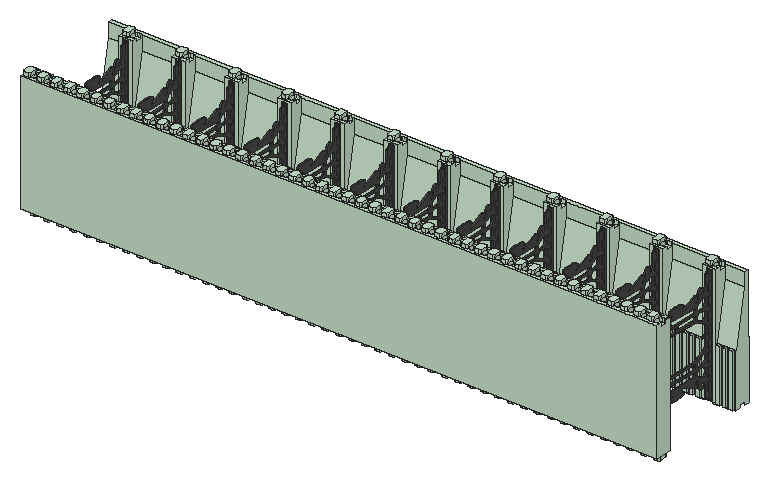
Revit family
Parameters (values of type "Standard 6" Form Unit")
  Core Thickness = 0' - 6"
Reference planes (in)
  plane 1 "Center (Front/Back)": y = -3
  plane 2: z = 0
  plane 3 "Center (Left/Right)": x = 0
  plane 4: x = 96
  plane 5: y = 3
  plane 6: y = -9
  plane 7: y = 5.625
  plane 8: y = -11.625
  plane 9: z = 18
  plane 10: z = 18.5
  plane 11: z = -0.5
Forms (in)
  Extrusion 1, solid, material "NUDURA Expanded Polystyrene Foam Insulation"
    sketch origin (0, -6, 0) x (1, 0, 0) y (0, 1, 0)
      loop
        line (0.28117, -3.25) -> (0, -3.25) -> (0, -5.625) -> (96, -5.625) -> (96, -3.25) -> (95.71883, -3.25) -> (95.78117, -3) -> (95.21883, -3) -> (95.28117, -3.25) -> (94.71883, -3.25) -> (94.78117, -3) -> (94.21883, -3) -> (94.28117, -3.25) -> (93.71883, -3.25) -> (93.78117, -3) -> (93.21883, -3) -> (93.28117, -3.25) -> (90.71883, -3.25) -> (90.78117, -3) -> (90.21883, -3) -> (90.28117, -3.25) -> (89.71883, -3.25) -> (89.78117, -3) -> (89.21883, -3) -> (89.28117, -3.25) -> (88.71883, -3.25) -> (88.78117, -3) -> (88.21883, -3) -> (88.28117, -3.25) -> (87.71883, -3.25) -> (87.78117, -3) -> (87.21883, -3) -> (87.28117, -3.25) -> (86.71883, -3.25) -> (86.78117, -3) -> (86.21883, -3) -> (86.28117, -3.25) -> (85.71883, -3.25) -> (85.78117, -3) -> (85.21883, -3) -> (85.28117, -3.25) -> (82.71883, -3.25) -> (82.78117, -3) -> (82.21883, -3) -> (82.28117, -3.25) -> (81.71883, -3.25) -> (81.78117, -3) -> (81.21883, -3) -> (81.28117, -3.25) -> (80.71883, -3.25) -> (80.78117, -3) -> (80.21883, -3) -> (80.28117, -3.25) -> (79.71883, -3.25) -> (79.78117, -3) -> (79.21883, -3) -> (79.28117, -3.25) -> (78.71883, -3.25) -> (78.78117, -3) -> (78.21883, -3) -> (78.28117, -3.25) -> (77.71883, -3.25) -> (77.78117, -3) -> (77.21883, -3) -> (77.28117, -3.25) -> (74.71883, -3.25) -> (74.78117, -3) -> (74.21883, -3) -> (74.28117, -3.25) -> (73.71883, -3.25) -> (73.78117, -3) -> (73.21883, -3) -> (73.28117, -3.25) -> (72.71883, -3.25) -> (72.78117, -3) -> (72.21883, -3) -> (72.28117, -3.25) -> (71.71883, -3.25) -> (71.78117, -3) -> (71.21883, -3) -> (71.28117, -3.25) -> (70.71883, -3.25) -> (70.78117, -3) -> (70.21883, -3) -> (70.28117, -3.25) -> (69.71883, -3.25) -> (69.78117, -3) -> (69.21883, -3) -> (69.28117, -3.25) -> (66.71883, -3.25) -> (66.78117, -3) -> (66.21883, -3) -> (66.28117, -3.25) -> (65.71883, -3.25) -> (65.78117, -3) -> (65.21883, -3) -> (65.28117, -3.25) -> (64.71883, -3.25) -> (64.78117, -3) -> (64.21883, -3) -> (64.28117, -3.25) -> (63.71883, -3.25) -> (63.78117, -3) -> (63.21883, -3) -> (63.28117, -3.25) -> (62.71883, -3.25) -> (62.78117, -3) -> (62.21883, -3) -> (62.28117, -3.25) -> (61.71883, -3.25) -> (61.78117, -3) -> (61.21883, -3) -> (61.28117, -3.25) -> (58.71883, -3.25) -> (58.78117, -3) -> (58.21883, -3) -> (58.28117, -3.25) -> (57.71883, -3.25) -> (57.78117, -3) -> (57.21883, -3) -> (57.28117, -3.25) -> (56.71883, -3.25) -> (56.78117, -3) -> (56.21883, -3) -> (56.28117, -3.25) -> (55.71883, -3.25) -> (55.78117, -3) -> (55.21883, -3) -> (55.28117, -3.25) -> (54.71883, -3.25) -> (54.78117, -3) -> (54.21883, -3) -> (54.28117, -3.25) -> (53.71883, -3.25) -> (53.78117, -3) -> (53.21883, -3) -> (53.28117, -3.25) -> (50.71883, -3.25) -> (50.78117, -3) -> (50.21883, -3) -> (50.28117, -3.25) -> (49.71883, -3.25) -> (49.78117, -3) -> (49.21883, -3) -> (49.28117, -3.25) -> (48.71883, -3.25) -> (48.78117, -3) -> (48.21883, -3) -> (48.28117, -3.25) -> (47.71883, -3.25) -> (47.78117, -3) -> (47.21883, -3) -> (47.28117, -3.25) -> (46.71883, -3.25) -> (46.78117, -3) -> (46.21883, -3) -> (46.28117, -3.25) -> (45.71883, -3.25) -> (45.78117, -3) -> (45.21883, -3) -> (45.28117, -3.25) -> (42.71883, -3.25) -> (42.78117, -3) -> (42.21883, -3) -> (42.28117, -3.25) -> (41.71883, -3.25) -> (41.78117, -3) -> (41.21883, -3) -> (41.28117, -3.25) -> (40.71883, -3.25) -> (40.78117, -3) -> (40.21883, -3) -> (40.28117, -3.25) -> (39.71883, -3.25) -> (39.78117, -3) -> (39.21883, -3) -> (39.28117, -3.25) -> (38.71883, -3.25) -> (38.78117, -3) -> (38.21883, -3) -> (38.28117, -3.25) -> (37.71883, -3.25) -> (37.78117, -3) -> (37.21883, -3) -> (37.28117, -3.25) -> (34.71883, -3.25) -> (34.78117, -3) -> (34.21883, -3) -> (34.28117, -3.25) -> (33.71883, -3.25) -> (33.78117, -3) -> (33.21883, -3) -> (33.28117, -3.25) -> (32.71883, -3.25) -> (32.78117, -3) -> (32.21883, -3) -> (32.28117, -3.25) -> (31.71883, -3.25) -> (31.78117, -3) -> (31.21883, -3) -> (31.28117, -3.25) -> (30.71883, -3.25) -> (30.78117, -3) -> (30.21883, -3) -> (30.28117, -3.25) -> (29.71883, -3.25) -> (29.78117, -3) -> (29.21883, -3) -> (29.28117, -3.25) -> (26.71883, -3.25) -> (26.78117, -3) -> (26.21883, -3) -> (26.28117, -3.25) -> (25.71883, -3.25) -> (25.78117, -3) -> (25.21883, -3) -> (25.28117, -3.25) -> (24.71883, -3.25) -> (24.78117, -3) -> (24.21883, -3) -> (24.28117, -3.25) -> (23.71883, -3.25) -> (23.78117, -3) -> (23.21883, -3) -> (23.28117, -3.25) -> (22.71883, -3.25) -> (22.78117, -3) -> (22.21883, -3) -> (22.28117, -3.25) -> (21.71883, -3.25) -> (21.78117, -3) -> (21.21883, -3) -> (21.28117, -3.25) -> (18.71883, -3.25) -> (18.78117, -3) -> (18.21883, -3) -> (18.28117, -3.25) -> (17.71883, -3.25) -> (17.78117, -3) -> (17.21883, -3) -> (17.28117, -3.25) -> (16.71883, -3.25) -> (16.78117, -3) -> (16.21883, -3) -> (16.28117, -3.25) -> (15.71883, -3.25) -> (15.78117, -3) -> (15.21883, -3) -> (15.28117, -3.25) -> (14.71883, -3.25) -> (14.78117, -3) -> (14.21883, -3) -> (14.28117, -3.25) -> (13.71883, -3.25) -> (13.78117, -3) -> (13.21883, -3) -> (13.28117, -3.25) -> (10.71883, -3.25) -> (10.78117, -3) -> (10.21883, -3) -> (10.28117, -3.25) -> (9.71883, -3.25) -> (9.78117, -3) -> (9.21883, -3) -> (9.28117, -3.25) -> (8.71883, -3.25) -> (8.78117, -3) -> (8.21883, -3) -> (8.28117, -3.25) -> (7.71883, -3.25) -> (7.78117, -3) -> (7.21883, -3) -> (7.28117, -3.25) -> (6.71883, -3.25) -> (6.78117, -3) -> (6.21883, -3) -> (6.28117, -3.25) -> (5.71883, -3.25) -> (5.78117, -3) -> (5.21883, -3) -> (5.28117, -3.25) -> (2.71883, -3.25) -> (2.78117, -3) -> (2.21883, -3) -> (2.28117, -3.25) -> (1.71883, -3.25) -> (1.78117, -3) -> (1.21883, -3) -> (1.28117, -3.25) -> (0.71883, -3.25) -> (0.78117, -3) -> (0.21883, -3) -> (0.28117, -3.25)
    from 0 to 18
  Extrusion 2, void
    sketch origin (0, -6, 0) x (1, 0, 0) y (0, 1, 0)
      loop
        arc (1, -4.89808) -> (1.04785, -5.04517) -> (1.17308, -5.13595) r 0.25
        arc (1.17308, -5.13595) -> (1.5, -5.1875) -> (1.82692, -5.13595) r 1.0625
        arc (1.82692, -5.13595) -> (1.95215, -5.04517) -> (2, -4.89808) r 0.25
        line (2, -4.89808) -> (2, -3.97692)
        arc (2, -3.97692) -> (1.98276, -3.88568) -> (1.9334, -3.80702) r 0.25
        arc (1.9334, -3.80702) -> (1.92106, -3.78736) -> (1.91675, -3.76455) r 0.0625
        line (1.91675, -3.76455) -> (1.91675, -3.41845) -> (1.74592, -3.41845) -> (1.74592, -3.64005)
        arc (1.74592, -3.64005) -> (1.72385, -3.68771) -> (1.67323, -3.70172) r 0.0625
        arc (1.67323, -3.70172) -> (1.42092, -3.69045) -> (1.17308, -3.73905) r 1.0625
        arc (1.17308, -3.73905) -> (1.04785, -3.82983) -> (1, -3.97692) r 0.25
        line (1, -3.97692) -> (1, -4.89808)
    from 18 to 17.5
  Extrusion 3, void
    sketch origin (2, -6, 0) x (1, 0, 0) y (0, 1, 0)
      loop
        arc (1, -4.89808) -> (1.04785, -5.04517) -> (1.17308, -5.13595) r 0.25
        arc (1.17308, -5.13595) -> (1.5, -5.1875) -> (1.82692, -5.13595) r 1.0625
        arc (1.82692, -5.13595) -> (1.95215, -5.04517) -> (2, -4.89808) r 0.25
        line (2, -4.89808) -> (2, -3.97692)
        arc (2, -3.97692) -> (1.98276, -3.88568) -> (1.9334, -3.80702) r 0.25
        arc (1.9334, -3.80702) -> (1.92106, -3.78736) -> (1.91675, -3.76455) r 0.0625
        line (1.91675, -3.76455) -> (1.91675, -3.41845) -> (1.74592, -3.41845) -> (1.74592, -3.64005)
        arc (1.74592, -3.64005) -> (1.72385, -3.68771) -> (1.67323, -3.70172) r 0.0625
        arc (1.67323, -3.70172) -> (1.42092, -3.69045) -> (1.17308, -3.73905) r 1.0625
        arc (1.17308, -3.73905) -> (1.04785, -3.82983) -> (1, -3.97692) r 0.25
        line (1, -3.97692) -> (1, -4.89808)
    from 18 to 17.5
  Extrusion 4, void
    sketch origin (4, -6, 0) x (1, 0, 0) y (0, 1, 0)
      loop
        arc (1, -4.89808) -> (1.04785, -5.04517) -> (1.17308, -5.13595) r 0.25
        arc (1.17308, -5.13595) -> (1.5, -5.1875) -> (1.82692, -5.13595) r 1.0625
        arc (1.82692, -5.13595) -> (1.95215, -5.04517) -> (2, -4.89808) r 0.25
        line (2, -4.89808) -> (2, -3.97692)
        arc (2, -3.97692) -> (1.98276, -3.88568) -> (1.9334, -3.80702) r 0.25
        arc (1.9334, -3.80702) -> (1.92106, -3.78736) -> (1.91675, -3.76455) r 0.0625
        line (1.91675, -3.76455) -> (1.91675, -3.41845) -> (1.74592, -3.41845) -> (1.74592, -3.64005)
        arc (1.74592, -3.64005) -> (1.72385, -3.68771) -> (1.67323, -3.70172) r 0.0625
        arc (1.67323, -3.70172) -> (1.42092, -3.69045) -> (1.17308, -3.73905) r 1.0625
        arc (1.17308, -3.73905) -> (1.04785, -3.82983) -> (1, -3.97692) r 0.25
        line (1, -3.97692) -> (1, -4.89808)
    from 18 to 17.5
  Extrusion 5, void
    sketch origin (6, -6, 0) x (1, 0, 0) y (0, 1, 0)
      loop
        arc (1, -4.89808) -> (1.04785, -5.04517) -> (1.17308, -5.13595) r 0.25
        arc (1.17308, -5.13595) -> (1.5, -5.1875) -> (1.82692, -5.13595) r 1.0625
        arc (1.82692, -5.13595) -> (1.95215, -5.04517) -> (2, -4.89808) r 0.25
        line (2, -4.89808) -> (2, -3.97692)
        arc (2, -3.97692) -> (1.98276, -3.88568) -> (1.9334, -3.80702) r 0.25
        arc (1.9334, -3.80702) -> (1.92106, -3.78736) -> (1.91675, -3.76455) r 0.0625
        line (1.91675, -3.76455) -> (1.91675, -3.41845) -> (1.74592, -3.41845) -> (1.74592, -3.64005)
        arc (1.74592, -3.64005) -> (1.72385, -3.68771) -> (1.67323, -3.70172) r 0.0625
        arc (1.67323, -3.70172) -> (1.42092, -3.69045) -> (1.17308, -3.73905) r 1.0625
        arc (1.17308, -3.73905) -> (1.04785, -3.82983) -> (1, -3.97692) r 0.25
        line (1, -3.97692) -> (1, -4.89808)
    from 18 to 17.5
  Extrusion 6, void
    sketch origin (8, -6, 0) x (1, 0, 0) y (0, 1, 0)
      loop
        arc (1, -4.89808) -> (1.04785, -5.04517) -> (1.17308, -5.13595) r 0.25
        arc (1.17308, -5.13595) -> (1.5, -5.1875) -> (1.82692, -5.13595) r 1.0625
        arc (1.82692, -5.13595) -> (1.95215, -5.04517) -> (2, -4.89808) r 0.25
        line (2, -4.89808) -> (2, -3.97692)
        arc (2, -3.97692) -> (1.98276, -3.88568) -> (1.9334, -3.80702) r 0.25
        arc (1.9334, -3.80702) -> (1.92106, -3.78736) -> (1.91675, -3.76455) r 0.0625
        line (1.91675, -3.76455) -> (1.91675, -3.41845) -> (1.74592, -3.41845) -> (1.74592, -3.64005)
        arc (1.74592, -3.64005) -> (1.72385, -3.68771) -> (1.67323, -3.70172) r 0.0625
        arc (1.67323, -3.70172) -> (1.42092, -3.69045) -> (1.17308, -3.73905) r 1.0625
        arc (1.17308, -3.73905) -> (1.04785, -3.82983) -> (1, -3.97692) r 0.25
        line (1, -3.97692) -> (1, -4.89808)
    from 18 to 17.5
  Extrusion 7, void
    sketch origin (10, -6, 0) x (1, 0, 0) y (0, 1, 0)
      loop
        arc (1, -4.89808) -> (1.04785, -5.04517) -> (1.17308, -5.13595) r 0.25
        arc (1.17308, -5.13595) -> (1.5, -5.1875) -> (1.82692, -5.13595) r 1.0625
        arc (1.82692, -5.13595) -> (1.95215, -5.04517) -> (2, -4.89808) r 0.25
        line (2, -4.89808) -> (2, -3.97692)
        arc (2, -3.97692) -> (1.98276, -3.88568) -> (1.9334, -3.80702) r 0.25
        arc (1.9334, -3.80702) -> (1.92106, -3.78736) -> (1.91675, -3.76455) r 0.0625
        line (1.91675, -3.76455) -> (1.91675, -3.41845) -> (1.74592, -3.41845) -> (1.74592, -3.64005)
        arc (1.74592, -3.64005) -> (1.72385, -3.68771) -> (1.67323, -3.70172) r 0.0625
        arc (1.67323, -3.70172) -> (1.42092, -3.69045) -> (1.17308, -3.73905) r 1.0625
        arc (1.17308, -3.73905) -> (1.04785, -3.82983) -> (1, -3.97692) r 0.25
        line (1, -3.97692) -> (1, -4.89808)
    from 18 to 17.5
  Extrusion 8, void
    sketch origin (12, -6, 0) x (1, 0, 0) y (0, 1, 0)
      loop
        arc (1, -4.89808) -> (1.04785, -5.04517) -> (1.17308, -5.13595) r 0.25
        arc (1.17308, -5.13595) -> (1.5, -5.1875) -> (1.82692, -5.13595) r 1.0625
        arc (1.82692, -5.13595) -> (1.95215, -5.04517) -> (2, -4.89808) r 0.25
        line (2, -4.89808) -> (2, -3.97692)
        arc (2, -3.97692) -> (1.98276, -3.88568) -> (1.9334, -3.80702) r 0.25
        arc (1.9334, -3.80702) -> (1.92106, -3.78736) -> (1.91675, -3.76455) r 0.0625
        line (1.91675, -3.76455) -> (1.91675, -3.41845) -> (1.74592, -3.41845) -> (1.74592, -3.64005)
        arc (1.74592, -3.64005) -> (1.72385, -3.68771) -> (1.67323, -3.70172) r 0.0625
        arc (1.67323, -3.70172) -> (1.42092, -3.69045) -> (1.17308, -3.73905) r 1.0625
        arc (1.17308, -3.73905) -> (1.04785, -3.82983) -> (1, -3.97692) r 0.25
        line (1, -3.97692) -> (1, -4.89808)
    from 18 to 17.5
  Extrusion 9, void
    sketch origin (14, -6, 0) x (1, 0, 0) y (0, 1, 0)
      loop
        arc (1, -4.89808) -> (1.04785, -5.04517) -> (1.17308, -5.13595) r 0.25
        arc (1.17308, -5.13595) -> (1.5, -5.1875) -> (1.82692, -5.13595) r 1.0625
        arc (1.82692, -5.13595) -> (1.95215, -5.04517) -> (2, -4.89808) r 0.25
        line (2, -4.89808) -> (2, -3.97692)
        arc (2, -3.97692) -> (1.98276, -3.88568) -> (1.9334, -3.80702) r 0.25
        arc (1.9334, -3.80702) -> (1.92106, -3.78736) -> (1.91675, -3.76455) r 0.0625
        line (1.91675, -3.76455) -> (1.91675, -3.41845) -> (1.74592, -3.41845) -> (1.74592, -3.64005)
        arc (1.74592, -3.64005) -> (1.72385, -3.68771) -> (1.67323, -3.70172) r 0.0625
        arc (1.67323, -3.70172) -> (1.42092, -3.69045) -> (1.17308, -3.73905) r 1.0625
        arc (1.17308, -3.73905) -> (1.04785, -3.82983) -> (1, -3.97692) r 0.25
        line (1, -3.97692) -> (1, -4.89808)
    from 18 to 17.5
  Extrusion 10, void
    sketch origin (16, -6, 0) x (1, 0, 0) y (0, 1, 0)
      loop
        arc (1, -4.89808) -> (1.04785, -5.04517) -> (1.17308, -5.13595) r 0.25
        arc (1.17308, -5.13595) -> (1.5, -5.1875) -> (1.82692, -5.13595) r 1.0625
        arc (1.82692, -5.13595) -> (1.95215, -5.04517) -> (2, -4.89808) r 0.25
        line (2, -4.89808) -> (2, -3.97692)
        arc (2, -3.97692) -> (1.98276, -3.88568) -> (1.9334, -3.80702) r 0.25
        arc (1.9334, -3.80702) -> (1.92106, -3.78736) -> (1.91675, -3.76455) r 0.0625
        line (1.91675, -3.76455) -> (1.91675, -3.41845) -> (1.74592, -3.41845) -> (1.74592, -3.64005)
        arc (1.74592, -3.64005) -> (1.72385, -3.68771) -> (1.67323, -3.70172) r 0.0625
        arc (1.67323, -3.70172) -> (1.42092, -3.69045) -> (1.17308, -3.73905) r 1.0625
        arc (1.17308, -3.73905) -> (1.04785, -3.82983) -> (1, -3.97692) r 0.25
        line (1, -3.97692) -> (1, -4.89808)
    from 18 to 17.5
  Extrusion 11, void
    sketch origin (18, -6, 0) x (1, 0, 0) y (0, 1, 0)
      loop
        arc (1, -4.89808) -> (1.04785, -5.04517) -> (1.17308, -5.13595) r 0.25
        arc (1.17308, -5.13595) -> (1.5, -5.1875) -> (1.82692, -5.13595) r 1.0625
        arc (1.82692, -5.13595) -> (1.95215, -5.04517) -> (2, -4.89808) r 0.25
        line (2, -4.89808) -> (2, -3.97692)
        arc (2, -3.97692) -> (1.98276, -3.88568) -> (1.9334, -3.80702) r 0.25
        arc (1.9334, -3.80702) -> (1.92106, -3.78736) -> (1.91675, -3.76455) r 0.0625
        line (1.91675, -3.76455) -> (1.91675, -3.41845) -> (1.74592, -3.41845) -> (1.74592, -3.64005)
        arc (1.74592, -3.64005) -> (1.72385, -3.68771) -> (1.67323, -3.70172) r 0.0625
        arc (1.67323, -3.70172) -> (1.42092, -3.69045) -> (1.17308, -3.73905) r 1.0625
        arc (1.17308, -3.73905) -> (1.04785, -3.82983) -> (1, -3.97692) r 0.25
        line (1, -3.97692) -> (1, -4.89808)
    from 18 to 17.5
  Extrusion 12, void
    sketch origin (20, -6, 0) x (1, 0, 0) y (0, 1, 0)
      loop
        arc (1, -4.89808) -> (1.04785, -5.04517) -> (1.17308, -5.13595) r 0.25
        arc (1.17308, -5.13595) -> (1.5, -5.1875) -> (1.82692, -5.13595) r 1.0625
        arc (1.82692, -5.13595) -> (1.95215, -5.04517) -> (2, -4.89808) r 0.25
        line (2, -4.89808) -> (2, -3.97692)
        arc (2, -3.97692) -> (1.98276, -3.88568) -> (1.9334, -3.80702) r 0.25
        arc (1.9334, -3.80702) -> (1.92106, -3.78736) -> (1.91675, -3.76455) r 0.0625
        line (1.91675, -3.76455) -> (1.91675, -3.41845) -> (1.74592, -3.41845) -> (1.74592, -3.64005)
        arc (1.74592, -3.64005) -> (1.72385, -3.68771) -> (1.67323, -3.70172) r 0.0625
        arc (1.67323, -3.70172) -> (1.42092, -3.69045) -> (1.17308, -3.73905) r 1.0625
        arc (1.17308, -3.73905) -> (1.04785, -3.82983) -> (1, -3.97692) r 0.25
        line (1, -3.97692) -> (1, -4.89808)
    from 18 to 17.5
  Extrusion 13, void
    sketch origin (22, -6, 0) x (1, 0, 0) y (0, 1, 0)
      loop
        arc (1, -4.89808) -> (1.04785, -5.04517) -> (1.17308, -5.13595) r 0.25
        arc (1.17308, -5.13595) -> (1.5, -5.1875) -> (1.82692, -5.13595) r 1.0625
        arc (1.82692, -5.13595) -> (1.95215, -5.04517) -> (2, -4.89808) r 0.25
        line (2, -4.89808) -> (2, -3.97692)
        arc (2, -3.97692) -> (1.98276, -3.88568) -> (1.9334, -3.80702) r 0.25
        arc (1.9334, -3.80702) -> (1.92106, -3.78736) -> (1.91675, -3.76455) r 0.0625
        line (1.91675, -3.76455) -> (1.91675, -3.41845) -> (1.74592, -3.41845) -> (1.74592, -3.64005)
        arc (1.74592, -3.64005) -> (1.72385, -3.68771) -> (1.67323, -3.70172) r 0.0625
        arc (1.67323, -3.70172) -> (1.42092, -3.69045) -> (1.17308, -3.73905) r 1.0625
        arc (1.17308, -3.73905) -> (1.04785, -3.82983) -> (1, -3.97692) r 0.25
        line (1, -3.97692) -> (1, -4.89808)
    from 18 to 17.5
  Extrusion 14, void
    sketch origin (24, -6, 0) x (1, 0, 0) y (0, 1, 0)
      loop
        arc (1, -4.89808) -> (1.04785, -5.04517) -> (1.17308, -5.13595) r 0.25
        arc (1.17308, -5.13595) -> (1.5, -5.1875) -> (1.82692, -5.13595) r 1.0625
        arc (1.82692, -5.13595) -> (1.95215, -5.04517) -> (2, -4.89808) r 0.25
        line (2, -4.89808) -> (2, -3.97692)
        arc (2, -3.97692) -> (1.98276, -3.88568) -> (1.9334, -3.80702) r 0.25
        arc (1.9334, -3.80702) -> (1.92106, -3.78736) -> (1.91675, -3.76455) r 0.0625
        line (1.91675, -3.76455) -> (1.91675, -3.41845) -> (1.74592, -3.41845) -> (1.74592, -3.64005)
        arc (1.74592, -3.64005) -> (1.72385, -3.68771) -> (1.67323, -3.70172) r 0.0625
        arc (1.67323, -3.70172) -> (1.42092, -3.69045) -> (1.17308, -3.73905) r 1.0625
        arc (1.17308, -3.73905) -> (1.04785, -3.82983) -> (1, -3.97692) r 0.25
        line (1, -3.97692) -> (1, -4.89808)
    from 18 to 17.5
  Extrusion 15, void
    sketch origin (26, -6, 0) x (1, 0, 0) y (0, 1, 0)
      loop
        arc (1, -4.89808) -> (1.04785, -5.04517) -> (1.17308, -5.13595) r 0.25
        arc (1.17308, -5.13595) -> (1.5, -5.1875) -> (1.82692, -5.13595) r 1.0625
        arc (1.82692, -5.13595) -> (1.95215, -5.04517) -> (2, -4.89808) r 0.25
        line (2, -4.89808) -> (2, -3.97692)
        arc (2, -3.97692) -> (1.98276, -3.88568) -> (1.9334, -3.80702) r 0.25
        arc (1.9334, -3.80702) -> (1.92106, -3.78736) -> (1.91675, -3.76455) r 0.0625
        line (1.91675, -3.76455) -> (1.91675, -3.41845) -> (1.74592, -3.41845) -> (1.74592, -3.64005)
        arc (1.74592, -3.64005) -> (1.72385, -3.68771) -> (1.67323, -3.70172) r 0.0625
        arc (1.67323, -3.70172) -> (1.42092, -3.69045) -> (1.17308, -3.73905) r 1.0625
        arc (1.17308, -3.73905) -> (1.04785, -3.82983) -> (1, -3.97692) r 0.25
        line (1, -3.97692) -> (1, -4.89808)
    from 18 to 17.5
  Extrusion 16, void
    sketch origin (28, -6, 0) x (1, 0, 0) y (0, 1, 0)
      loop
        arc (1, -4.89808) -> (1.04785, -5.04517) -> (1.17308, -5.13595) r 0.25
        arc (1.17308, -5.13595) -> (1.5, -5.1875) -> (1.82692, -5.13595) r 1.0625
        arc (1.82692, -5.13595) -> (1.95215, -5.04517) -> (2, -4.89808) r 0.25
        line (2, -4.89808) -> (2, -3.97692)
        arc (2, -3.97692) -> (1.98276, -3.88568) -> (1.9334, -3.80702) r 0.25
        arc (1.9334, -3.80702) -> (1.92106, -3.78736) -> (1.91675, -3.76455) r 0.0625
        line (1.91675, -3.76455) -> (1.91675, -3.41845) -> (1.74592, -3.41845) -> (1.74592, -3.64005)
        arc (1.74592, -3.64005) -> (1.72385, -3.68771) -> (1.67323, -3.70172) r 0.0625
        arc (1.67323, -3.70172) -> (1.42092, -3.69045) -> (1.17308, -3.73905) r 1.0625
        arc (1.17308, -3.73905) -> (1.04785, -3.82983) -> (1, -3.97692) r 0.25
        line (1, -3.97692) -> (1, -4.89808)
    from 18 to 17.5
  Extrusion 17, void
    sketch origin (30, -6, 0) x (1, 0, 0) y (0, 1, 0)
      loop
        arc (1, -4.89808) -> (1.04785, -5.04517) -> (1.17308, -5.13595) r 0.25
        arc (1.17308, -5.13595) -> (1.5, -5.1875) -> (1.82692, -5.13595) r 1.0625
        arc (1.82692, -5.13595) -> (1.95215, -5.04517) -> (2, -4.89808) r 0.25
        line (2, -4.89808) -> (2, -3.97692)
        arc (2, -3.97692) -> (1.98276, -3.88568) -> (1.9334, -3.80702) r 0.25
        arc (1.9334, -3.80702) -> (1.92106, -3.78736) -> (1.91675, -3.76455) r 0.0625
        line (1.91675, -3.76455) -> (1.91675, -3.41845) -> (1.74592, -3.41845) -> (1.74592, -3.64005)
        arc (1.74592, -3.64005) -> (1.72385, -3.68771) -> (1.67323, -3.70172) r 0.0625
        arc (1.67323, -3.70172) -> (1.42092, -3.69045) -> (1.17308, -3.73905) r 1.0625
        arc (1.17308, -3.73905) -> (1.04785, -3.82983) -> (1, -3.97692) r 0.25
        line (1, -3.97692) -> (1, -4.89808)
    from 18 to 17.5
  Extrusion 18, void
    sketch origin (32, -6, 0) x (1, 0, 0) y (0, 1, 0)
      loop
        arc (1, -4.89808) -> (1.04785, -5.04517) -> (1.17308, -5.13595) r 0.25
        arc (1.17308, -5.13595) -> (1.5, -5.1875) -> (1.82692, -5.13595) r 1.0625
        arc (1.82692, -5.13595) -> (1.95215, -5.04517) -> (2, -4.89808) r 0.25
        line (2, -4.89808) -> (2, -3.97692)
        arc (2, -3.97692) -> (1.98276, -3.88568) -> (1.9334, -3.80702) r 0.25
        arc (1.9334, -3.80702) -> (1.92106, -3.78736) -> (1.91675, -3.76455) r 0.0625
        line (1.91675, -3.76455) -> (1.91675, -3.41845) -> (1.74592, -3.41845) -> (1.74592, -3.64005)
        arc (1.74592, -3.64005) -> (1.72385, -3.68771) -> (1.67323, -3.70172) r 0.0625
        arc (1.67323, -3.70172) -> (1.42092, -3.69045) -> (1.17308, -3.73905) r 1.0625
        arc (1.17308, -3.73905) -> (1.04785, -3.82983) -> (1, -3.97692) r 0.25
        line (1, -3.97692) -> (1, -4.89808)
    from 18 to 17.5
  Extrusion 19, void
    sketch origin (34, -6, 0) x (1, 0, 0) y (0, 1, 0)
      loop
        arc (1, -4.89808) -> (1.04785, -5.04517) -> (1.17308, -5.13595) r 0.25
        arc (1.17308, -5.13595) -> (1.5, -5.1875) -> (1.82692, -5.13595) r 1.0625
        arc (1.82692, -5.13595) -> (1.95215, -5.04517) -> (2, -4.89808) r 0.25
        line (2, -4.89808) -> (2, -3.97692)
        arc (2, -3.97692) -> (1.98276, -3.88568) -> (1.9334, -3.80702) r 0.25
        arc (1.9334, -3.80702) -> (1.92106, -3.78736) -> (1.91675, -3.76455) r 0.0625
        line (1.91675, -3.76455) -> (1.91675, -3.41845) -> (1.74592, -3.41845) -> (1.74592, -3.64005)
        arc (1.74592, -3.64005) -> (1.72385, -3.68771) -> (1.67323, -3.70172) r 0.0625
        arc (1.67323, -3.70172) -> (1.42092, -3.69045) -> (1.17308, -3.73905) r 1.0625
        arc (1.17308, -3.73905) -> (1.04785, -3.82983) -> (1, -3.97692) r 0.25
        line (1, -3.97692) -> (1, -4.89808)
    from 18 to 17.5
  Extrusion 20, void
    sketch origin (36, -6, 0) x (1, 0, 0) y (0, 1, 0)
      loop
        arc (1, -4.89808) -> (1.04785, -5.04517) -> (1.17308, -5.13595) r 0.25
        arc (1.17308, -5.13595) -> (1.5, -5.1875) -> (1.82692, -5.13595) r 1.0625
        arc (1.82692, -5.13595) -> (1.95215, -5.04517) -> (2, -4.89808) r 0.25
        line (2, -4.89808) -> (2, -3.97692)
        arc (2, -3.97692) -> (1.98276, -3.88568) -> (1.9334, -3.80702) r 0.25
        arc (1.9334, -3.80702) -> (1.92106, -3.78736) -> (1.91675, -3.76455) r 0.0625
        line (1.91675, -3.76455) -> (1.91675, -3.41845) -> (1.74592, -3.41845) -> (1.74592, -3.64005)
        arc (1.74592, -3.64005) -> (1.72385, -3.68771) -> (1.67323, -3.70172) r 0.0625
        arc (1.67323, -3.70172) -> (1.42092, -3.69045) -> (1.17308, -3.73905) r 1.0625
        arc (1.17308, -3.73905) -> (1.04785, -3.82983) -> (1, -3.97692) r 0.25
        line (1, -3.97692) -> (1, -4.89808)
    from 18 to 17.5
  Extrusion 21, void
    sketch origin (38, -6, 0) x (1, 0, 0) y (0, 1, 0)
      loop
        arc (1, -4.89808) -> (1.04785, -5.04517) -> (1.17308, -5.13595) r 0.25
        arc (1.17308, -5.13595) -> (1.5, -5.1875) -> (1.82692, -5.13595) r 1.0625
        arc (1.82692, -5.13595) -> (1.95215, -5.04517) -> (2, -4.89808) r 0.25
        line (2, -4.89808) -> (2, -3.97692)
        arc (2, -3.97692) -> (1.98276, -3.88568) -> (1.9334, -3.80702) r 0.25
        arc (1.9334, -3.80702) -> (1.92106, -3.78736) -> (1.91675, -3.76455) r 0.0625
        line (1.91675, -3.76455) -> (1.91675, -3.41845) -> (1.74592, -3.41845) -> (1.74592, -3.64005)
        arc (1.74592, -3.64005) -> (1.72385, -3.68771) -> (1.67323, -3.70172) r 0.0625
        arc (1.67323, -3.70172) -> (1.42092, -3.69045) -> (1.17308, -3.73905) r 1.0625
        arc (1.17308, -3.73905) -> (1.04785, -3.82983) -> (1, -3.97692) r 0.25
        line (1, -3.97692) -> (1, -4.89808)
    from 18 to 17.5
  Extrusion 22, void
    sketch origin (40, -6, 0) x (1, 0, 0) y (0, 1, 0)
      loop
        arc (1, -4.89808) -> (1.04785, -5.04517) -> (1.17308, -5.13595) r 0.25
        arc (1.17308, -5.13595) -> (1.5, -5.1875) -> (1.82692, -5.13595) r 1.0625
        arc (1.82692, -5.13595) -> (1.95215, -5.04517) -> (2, -4.89808) r 0.25
        line (2, -4.89808) -> (2, -3.97692)
        arc (2, -3.97692) -> (1.98276, -3.88568) -> (1.9334, -3.80702) r 0.25
        arc (1.9334, -3.80702) -> (1.92106, -3.78736) -> (1.91675, -3.76455) r 0.0625
        line (1.91675, -3.76455) -> (1.91675, -3.41845) -> (1.74592, -3.41845) -> (1.74592, -3.64005)
        arc (1.74592, -3.64005) -> (1.72385, -3.68771) -> (1.67323, -3.70172) r 0.0625
        arc (1.67323, -3.70172) -> (1.42092, -3.69045) -> (1.17308, -3.73905) r 1.0625
        arc (1.17308, -3.73905) -> (1.04785, -3.82983) -> (1, -3.97692) r 0.25
        line (1, -3.97692) -> (1, -4.89808)
    from 18 to 17.5
  Extrusion 23, void
    sketch origin (42, -6, 0) x (1, 0, 0) y (0, 1, 0)
      loop
        arc (1, -4.89808) -> (1.04785, -5.04517) -> (1.17308, -5.13595) r 0.25
        arc (1.17308, -5.13595) -> (1.5, -5.1875) -> (1.82692, -5.13595) r 1.0625
        arc (1.82692, -5.13595) -> (1.95215, -5.04517) -> (2, -4.89808) r 0.25
        line (2, -4.89808) -> (2, -3.97692)
        arc (2, -3.97692) -> (1.98276, -3.88568) -> (1.9334, -3.80702) r 0.25
        arc (1.9334, -3.80702) -> (1.92106, -3.78736) -> (1.91675, -3.76455) r 0.0625
        line (1.91675, -3.76455) -> (1.91675, -3.41845) -> (1.74592, -3.41845) -> (1.74592, -3.64005)
        arc (1.74592, -3.64005) -> (1.72385, -3.68771) -> (1.67323, -3.70172) r 0.0625
        arc (1.67323, -3.70172) -> (1.42092, -3.69045) -> (1.17308, -3.73905) r 1.0625
        arc (1.17308, -3.73905) -> (1.04785, -3.82983) -> (1, -3.97692) r 0.25
        line (1, -3.97692) -> (1, -4.89808)
    from 18 to 17.5
  Extrusion 24, void
    sketch origin (44, -6, 0) x (1, 0, 0) y (0, 1, 0)
      loop
        arc (1, -4.89808) -> (1.04785, -5.04517) -> (1.17308, -5.13595) r 0.25
        arc (1.17308, -5.13595) -> (1.5, -5.1875) -> (1.82692, -5.13595) r 1.0625
        arc (1.82692, -5.13595) -> (1.95215, -5.04517) -> (2, -4.89808) r 0.25
        line (2, -4.89808) -> (2, -3.97692)
        arc (2, -3.97692) -> (1.98276, -3.88568) -> (1.9334, -3.80702) r 0.25
        arc (1.9334, -3.80702) -> (1.92106, -3.78736) -> (1.91675, -3.76455) r 0.0625
        line (1.91675, -3.76455) -> (1.91675, -3.41845) -> (1.74592, -3.41845) -> (1.74592, -3.64005)
        arc (1.74592, -3.64005) -> (1.72385, -3.68771) -> (1.67323, -3.70172) r 0.0625
        arc (1.67323, -3.70172) -> (1.42092, -3.69045) -> (1.17308, -3.73905) r 1.0625
        arc (1.17308, -3.73905) -> (1.04785, -3.82983) -> (1, -3.97692) r 0.25
        line (1, -3.97692) -> (1, -4.89808)
    from 18 to 17.5
  Extrusion 25, void
    sketch origin (46, -6, 0) x (1, 0, 0) y (0, 1, 0)
      loop
        arc (1, -4.89808) -> (1.04785, -5.04517) -> (1.17308, -5.13595) r 0.25
        arc (1.17308, -5.13595) -> (1.5, -5.1875) -> (1.82692, -5.13595) r 1.0625
        arc (1.82692, -5.13595) -> (1.95215, -5.04517) -> (2, -4.89808) r 0.25
        line (2, -4.89808) -> (2, -3.97692)
        arc (2, -3.97692) -> (1.98276, -3.88568) -> (1.9334, -3.80702) r 0.25
        arc (1.9334, -3.80702) -> (1.92106, -3.78736) -> (1.91675, -3.76455) r 0.0625
        line (1.91675, -3.76455) -> (1.91675, -3.41845) -> (1.74592, -3.41845) -> (1.74592, -3.64005)
        arc (1.74592, -3.64005) -> (1.72385, -3.68771) -> (1.67323, -3.70172) r 0.0625
        arc (1.67323, -3.70172) -> (1.42092, -3.69045) -> (1.17308, -3.73905) r 1.0625
        arc (1.17308, -3.73905) -> (1.04785, -3.82983) -> (1, -3.97692) r 0.25
        line (1, -3.97692) -> (1, -4.89808)
    from 18 to 17.5
  Extrusion 26, void
    sketch origin (48, -6, 0) x (1, 0, 0) y (0, 1, 0)
      loop
        arc (1, -4.89808) -> (1.04785, -5.04517) -> (1.17308, -5.13595) r 0.25
        arc (1.17308, -5.13595) -> (1.5, -5.1875) -> (1.82692, -5.13595) r 1.0625
        arc (1.82692, -5.13595) -> (1.95215, -5.04517) -> (2, -4.89808) r 0.25
        line (2, -4.89808) -> (2, -3.97692)
        arc (2, -3.97692) -> (1.98276, -3.88568) -> (1.9334, -3.80702) r 0.25
        arc (1.9334, -3.80702) -> (1.92106, -3.78736) -> (1.91675, -3.76455) r 0.0625
        line (1.91675, -3.76455) -> (1.91675, -3.41845) -> (1.74592, -3.41845) -> (1.74592, -3.64005)
        arc (1.74592, -3.64005) -> (1.72385, -3.68771) -> (1.67323, -3.70172) r 0.0625
        arc (1.67323, -3.70172) -> (1.42092, -3.69045) -> (1.17308, -3.73905) r 1.0625
        arc (1.17308, -3.73905) -> (1.04785, -3.82983) -> (1, -3.97692) r 0.25
        line (1, -3.97692) -> (1, -4.89808)
    from 18 to 17.5
  Extrusion 27, void
    sketch origin (50, -6, 0) x (1, 0, 0) y (0, 1, 0)
      loop
        arc (1, -4.89808) -> (1.04785, -5.04517) -> (1.17308, -5.13595) r 0.25
        arc (1.17308, -5.13595) -> (1.5, -5.1875) -> (1.82692, -5.13595) r 1.0625
        arc (1.82692, -5.13595) -> (1.95215, -5.04517) -> (2, -4.89808) r 0.25
        line (2, -4.89808) -> (2, -3.97692)
        arc (2, -3.97692) -> (1.98276, -3.88568) -> (1.9334, -3.80702) r 0.25
        arc (1.9334, -3.80702) -> (1.92106, -3.78736) -> (1.91675, -3.76455) r 0.0625
        line (1.91675, -3.76455) -> (1.91675, -3.41845) -> (1.74592, -3.41845) -> (1.74592, -3.64005)
        arc (1.74592, -3.64005) -> (1.72385, -3.68771) -> (1.67323, -3.70172) r 0.0625
        arc (1.67323, -3.70172) -> (1.42092, -3.69045) -> (1.17308, -3.73905) r 1.0625
        arc (1.17308, -3.73905) -> (1.04785, -3.82983) -> (1, -3.97692) r 0.25
        line (1, -3.97692) -> (1, -4.89808)
    from 18 to 17.5
  Extrusion 28, void
    sketch origin (52, -6, 0) x (1, 0, 0) y (0, 1, 0)
      loop
        arc (1, -4.89808) -> (1.04785, -5.04517) -> (1.17308, -5.13595) r 0.25
        arc (1.17308, -5.13595) -> (1.5, -5.1875) -> (1.82692, -5.13595) r 1.0625
        arc (1.82692, -5.13595) -> (1.95215, -5.04517) -> (2, -4.89808) r 0.25
        line (2, -4.89808) -> (2, -3.97692)
        arc (2, -3.97692) -> (1.98276, -3.88568) -> (1.9334, -3.80702) r 0.25
        arc (1.9334, -3.80702) -> (1.92106, -3.78736) -> (1.91675, -3.76455) r 0.0625
        line (1.91675, -3.76455) -> (1.91675, -3.41845) -> (1.74592, -3.41845) -> (1.74592, -3.64005)
        arc (1.74592, -3.64005) -> (1.72385, -3.68771) -> (1.67323, -3.70172) r 0.0625
        arc (1.67323, -3.70172) -> (1.42092, -3.69045) -> (1.17308, -3.73905) r 1.0625
        arc (1.17308, -3.73905) -> (1.04785, -3.82983) -> (1, -3.97692) r 0.25
        line (1, -3.97692) -> (1, -4.89808)
    from 18 to 17.5
  Extrusion 29, void
    sketch origin (54, -6, 0) x (1, 0, 0) y (0, 1, 0)
      loop
        arc (1, -4.89808) -> (1.04785, -5.04517) -> (1.17308, -5.13595) r 0.25
        arc (1.17308, -5.13595) -> (1.5, -5.1875) -> (1.82692, -5.13595) r 1.0625
        arc (1.82692, -5.13595) -> (1.95215, -5.04517) -> (2, -4.89808) r 0.25
        line (2, -4.89808) -> (2, -3.97692)
        arc (2, -3.97692) -> (1.98276, -3.88568) -> (1.9334, -3.80702) r 0.25
        arc (1.9334, -3.80702) -> (1.92106, -3.78736) -> (1.91675, -3.76455) r 0.0625
        line (1.91675, -3.76455) -> (1.91675, -3.41845) -> (1.74592, -3.41845) -> (1.74592, -3.64005)
        arc (1.74592, -3.64005) -> (1.72385, -3.68771) -> (1.67323, -3.70172) r 0.0625
        arc (1.67323, -3.70172) -> (1.42092, -3.69045) -> (1.17308, -3.73905) r 1.0625
        arc (1.17308, -3.73905) -> (1.04785, -3.82983) -> (1, -3.97692) r 0.25
        line (1, -3.97692) -> (1, -4.89808)
    from 18 to 17.5
  Extrusion 30, void
    sketch origin (56, -6, 0) x (1, 0, 0) y (0, 1, 0)
      loop
        arc (1, -4.89808) -> (1.04785, -5.04517) -> (1.17308, -5.13595) r 0.25
        arc (1.17308, -5.13595) -> (1.5, -5.1875) -> (1.82692, -5.13595) r 1.0625
        arc (1.82692, -5.13595) -> (1.95215, -5.04517) -> (2, -4.89808) r 0.25
        line (2, -4.89808) -> (2, -3.97692)
        arc (2, -3.97692) -> (1.98276, -3.88568) -> (1.9334, -3.80702) r 0.25
        arc (1.9334, -3.80702) -> (1.92106, -3.78736) -> (1.91675, -3.76455) r 0.0625
        line (1.91675, -3.76455) -> (1.91675, -3.41845) -> (1.74592, -3.41845) -> (1.74592, -3.64005)
        arc (1.74592, -3.64005) -> (1.72385, -3.68771) -> (1.67323, -3.70172) r 0.0625
        arc (1.67323, -3.70172) -> (1.42092, -3.69045) -> (1.17308, -3.73905) r 1.0625
        arc (1.17308, -3.73905) -> (1.04785, -3.82983) -> (1, -3.97692) r 0.25
        line (1, -3.97692) -> (1, -4.89808)
    from 18 to 17.5
  Extrusion 31, void
    sketch origin (58, -6, 0) x (1, 0, 0) y (0, 1, 0)
      loop
        arc (1, -4.89808) -> (1.04785, -5.04517) -> (1.17308, -5.13595) r 0.25
        arc (1.17308, -5.13595) -> (1.5, -5.1875) -> (1.82692, -5.13595) r 1.0625
        arc (1.82692, -5.13595) -> (1.95215, -5.04517) -> (2, -4.89808) r 0.25
        line (2, -4.89808) -> (2, -3.97692)
        arc (2, -3.97692) -> (1.98276, -3.88568) -> (1.9334, -3.80702) r 0.25
        arc (1.9334, -3.80702) -> (1.92106, -3.78736) -> (1.91675, -3.76455) r 0.0625
        line (1.91675, -3.76455) -> (1.91675, -3.41845) -> (1.74592, -3.41845) -> (1.74592, -3.64005)
        arc (1.74592, -3.64005) -> (1.72385, -3.68771) -> (1.67323, -3.70172) r 0.0625
        arc (1.67323, -3.70172) -> (1.42092, -3.69045) -> (1.17308, -3.73905) r 1.0625
        arc (1.17308, -3.73905) -> (1.04785, -3.82983) -> (1, -3.97692) r 0.25
        line (1, -3.97692) -> (1, -4.89808)
    from 18 to 17.5
  Extrusion 32, void
    sketch origin (60, -6, 0) x (1, 0, 0) y (0, 1, 0)
      loop
        arc (1, -4.89808) -> (1.04785, -5.04517) -> (1.17308, -5.13595) r 0.25
        arc (1.17308, -5.13595) -> (1.5, -5.1875) -> (1.82692, -5.13595) r 1.0625
        arc (1.82692, -5.13595) -> (1.95215, -5.04517) -> (2, -4.89808) r 0.25
        line (2, -4.89808) -> (2, -3.97692)
        arc (2, -3.97692) -> (1.98276, -3.88568) -> (1.9334, -3.80702) r 0.25
        arc (1.9334, -3.80702) -> (1.92106, -3.78736) -> (1.91675, -3.76455) r 0.0625
        line (1.91675, -3.76455) -> (1.91675, -3.41845) -> (1.74592, -3.41845) -> (1.74592, -3.64005)
        arc (1.74592, -3.64005) -> (1.72385, -3.68771) -> (1.67323, -3.70172) r 0.0625
        arc (1.67323, -3.70172) -> (1.42092, -3.69045) -> (1.17308, -3.73905) r 1.0625
        arc (1.17308, -3.73905) -> (1.04785, -3.82983) -> (1, -3.97692) r 0.25
        line (1, -3.97692) -> (1, -4.89808)
    from 18 to 17.5
  Extrusion 33, void
    sketch origin (62, -6, 0) x (1, 0, 0) y (0, 1, 0)
      loop
        arc (1, -4.89808) -> (1.04785, -5.04517) -> (1.17308, -5.13595) r 0.25
        arc (1.17308, -5.13595) -> (1.5, -5.1875) -> (1.82692, -5.13595) r 1.0625
        arc (1.82692, -5.13595) -> (1.95215, -5.04517) -> (2, -4.89808) r 0.25
        line (2, -4.89808) -> (2, -3.97692)
        arc (2, -3.97692) -> (1.98276, -3.88568) -> (1.9334, -3.80702) r 0.25
        arc (1.9334, -3.80702) -> (1.92106, -3.78736) -> (1.91675, -3.76455) r 0.0625
        line (1.91675, -3.76455) -> (1.91675, -3.41845) -> (1.74592, -3.41845) -> (1.74592, -3.64005)
        arc (1.74592, -3.64005) -> (1.72385, -3.68771) -> (1.67323, -3.70172) r 0.0625
        arc (1.67323, -3.70172) -> (1.42092, -3.69045) -> (1.17308, -3.73905) r 1.0625
        arc (1.17308, -3.73905) -> (1.04785, -3.82983) -> (1, -3.97692) r 0.25
        line (1, -3.97692) -> (1, -4.89808)
    from 18 to 17.5
  Extrusion 34, void
    sketch origin (64, -6, 0) x (1, 0, 0) y (0, 1, 0)
      loop
        arc (1, -4.89808) -> (1.04785, -5.04517) -> (1.17308, -5.13595) r 0.25
        arc (1.17308, -5.13595) -> (1.5, -5.1875) -> (1.82692, -5.13595) r 1.0625
        arc (1.82692, -5.13595) -> (1.95215, -5.04517) -> (2, -4.89808) r 0.25
        line (2, -4.89808) -> (2, -3.97692)
        arc (2, -3.97692) -> (1.98276, -3.88568) -> (1.9334, -3.80702) r 0.25
        arc (1.9334, -3.80702) -> (1.92106, -3.78736) -> (1.91675, -3.76455) r 0.0625
        line (1.91675, -3.76455) -> (1.91675, -3.41845) -> (1.74592, -3.41845) -> (1.74592, -3.64005)
        arc (1.74592, -3.64005) -> (1.72385, -3.68771) -> (1.67323, -3.70172) r 0.0625
        arc (1.67323, -3.70172) -> (1.42092, -3.69045) -> (1.17308, -3.73905) r 1.0625
        arc (1.17308, -3.73905) -> (1.04785, -3.82983) -> (1, -3.97692) r 0.25
        line (1, -3.97692) -> (1, -4.89808)
    from 18 to 17.5
  Extrusion 35, void
    sketch origin (66, -6, 0) x (1, 0, 0) y (0, 1, 0)
      loop
        arc (1, -4.89808) -> (1.04785, -5.04517) -> (1.17308, -5.13595) r 0.25
        arc (1.17308, -5.13595) -> (1.5, -5.1875) -> (1.82692, -5.13595) r 1.0625
        arc (1.82692, -5.13595) -> (1.95215, -5.04517) -> (2, -4.89808) r 0.25
        line (2, -4.89808) -> (2, -3.97692)
        arc (2, -3.97692) -> (1.98276, -3.88568) -> (1.9334, -3.80702) r 0.25
        arc (1.9334, -3.80702) -> (1.92106, -3.78736) -> (1.91675, -3.76455) r 0.0625
        line (1.91675, -3.76455) -> (1.91675, -3.41845) -> (1.74592, -3.41845) -> (1.74592, -3.64005)
        arc (1.74592, -3.64005) -> (1.72385, -3.68771) -> (1.67323, -3.70172) r 0.0625
        arc (1.67323, -3.70172) -> (1.42092, -3.69045) -> (1.17308, -3.73905) r 1.0625
        arc (1.17308, -3.73905) -> (1.04785, -3.82983) -> (1, -3.97692) r 0.25
        line (1, -3.97692) -> (1, -4.89808)
    from 18 to 17.5
  Extrusion 36, void
    sketch origin (68, -6, 0) x (1, 0, 0) y (0, 1, 0)
      loop
        arc (1, -4.89808) -> (1.04785, -5.04517) -> (1.17308, -5.13595) r 0.25
        arc (1.17308, -5.13595) -> (1.5, -5.1875) -> (1.82692, -5.13595) r 1.0625
        arc (1.82692, -5.13595) -> (1.95215, -5.04517) -> (2, -4.89808) r 0.25
        line (2, -4.89808) -> (2, -3.97692)
        arc (2, -3.97692) -> (1.98276, -3.88568) -> (1.9334, -3.80702) r 0.25
        arc (1.9334, -3.80702) -> (1.92106, -3.78736) -> (1.91675, -3.76455) r 0.0625
        line (1.91675, -3.76455) -> (1.91675, -3.41845) -> (1.74592, -3.41845) -> (1.74592, -3.64005)
        arc (1.74592, -3.64005) -> (1.72385, -3.68771) -> (1.67323, -3.70172) r 0.0625
        arc (1.67323, -3.70172) -> (1.42092, -3.69045) -> (1.17308, -3.73905) r 1.0625
        arc (1.17308, -3.73905) -> (1.04785, -3.82983) -> (1, -3.97692) r 0.25
        line (1, -3.97692) -> (1, -4.89808)
    from 18 to 17.5
  Extrusion 37, void
    sketch origin (70, -6, 0) x (1, 0, 0) y (0, 1, 0)
      loop
        arc (1, -4.89808) -> (1.04785, -5.04517) -> (1.17308, -5.13595) r 0.25
        arc (1.17308, -5.13595) -> (1.5, -5.1875) -> (1.82692, -5.13595) r 1.0625
        arc (1.82692, -5.13595) -> (1.95215, -5.04517) -> (2, -4.89808) r 0.25
        line (2, -4.89808) -> (2, -3.97692)
        arc (2, -3.97692) -> (1.98276, -3.88568) -> (1.9334, -3.80702) r 0.25
        arc (1.9334, -3.80702) -> (1.92106, -3.78736) -> (1.91675, -3.76455) r 0.0625
        line (1.91675, -3.76455) -> (1.91675, -3.41845) -> (1.74592, -3.41845) -> (1.74592, -3.64005)
        arc (1.74592, -3.64005) -> (1.72385, -3.68771) -> (1.67323, -3.70172) r 0.0625
        arc (1.67323, -3.70172) -> (1.42092, -3.69045) -> (1.17308, -3.73905) r 1.0625
        arc (1.17308, -3.73905) -> (1.04785, -3.82983) -> (1, -3.97692) r 0.25
        line (1, -3.97692) -> (1, -4.89808)
    from 18 to 17.5
  Extrusion 38, void
    sketch origin (72, -6, 0) x (1, 0, 0) y (0, 1, 0)
      loop
        arc (1, -4.89808) -> (1.04785, -5.04517) -> (1.17308, -5.13595) r 0.25
        arc (1.17308, -5.13595) -> (1.5, -5.1875) -> (1.82692, -5.13595) r 1.0625
        arc (1.82692, -5.13595) -> (1.95215, -5.04517) -> (2, -4.89808) r 0.25
        line (2, -4.89808) -> (2, -3.97692)
        arc (2, -3.97692) -> (1.98276, -3.88568) -> (1.9334, -3.80702) r 0.25
        arc (1.9334, -3.80702) -> (1.92106, -3.78736) -> (1.91675, -3.76455) r 0.0625
        line (1.91675, -3.76455) -> (1.91675, -3.41845) -> (1.74592, -3.41845) -> (1.74592, -3.64005)
        arc (1.74592, -3.64005) -> (1.72385, -3.68771) -> (1.67323, -3.70172) r 0.0625
        arc (1.67323, -3.70172) -> (1.42092, -3.69045) -> (1.17308, -3.73905) r 1.0625
        arc (1.17308, -3.73905) -> (1.04785, -3.82983) -> (1, -3.97692) r 0.25
        line (1, -3.97692) -> (1, -4.89808)
    from 18 to 17.5
  Extrusion 39, void
    sketch origin (74, -6, 0) x (1, 0, 0) y (0, 1, 0)
      loop
        arc (1, -4.89808) -> (1.04785, -5.04517) -> (1.17308, -5.13595) r 0.25
        arc (1.17308, -5.13595) -> (1.5, -5.1875) -> (1.82692, -5.13595) r 1.0625
        arc (1.82692, -5.13595) -> (1.95215, -5.04517) -> (2, -4.89808) r 0.25
        line (2, -4.89808) -> (2, -3.97692)
        arc (2, -3.97692) -> (1.98276, -3.88568) -> (1.9334, -3.80702) r 0.25
        arc (1.9334, -3.80702) -> (1.92106, -3.78736) -> (1.91675, -3.76455) r 0.0625
        line (1.91675, -3.76455) -> (1.91675, -3.41845) -> (1.74592, -3.41845) -> (1.74592, -3.64005)
        arc (1.74592, -3.64005) -> (1.72385, -3.68771) -> (1.67323, -3.70172) r 0.0625
        arc (1.67323, -3.70172) -> (1.42092, -3.69045) -> (1.17308, -3.73905) r 1.0625
        arc (1.17308, -3.73905) -> (1.04785, -3.82983) -> (1, -3.97692) r 0.25
        line (1, -3.97692) -> (1, -4.89808)
    from 18 to 17.5
  Extrusion 40, void
    sketch origin (76, -6, 0) x (1, 0, 0) y (0, 1, 0)
      loop
        arc (1, -4.89808) -> (1.04785, -5.04517) -> (1.17308, -5.13595) r 0.25
        arc (1.17308, -5.13595) -> (1.5, -5.1875) -> (1.82692, -5.13595) r 1.0625
        arc (1.82692, -5.13595) -> (1.95215, -5.04517) -> (2, -4.89808) r 0.25
        line (2, -4.89808) -> (2, -3.97692)
        arc (2, -3.97692) -> (1.98276, -3.88568) -> (1.9334, -3.80702) r 0.25
        arc (1.9334, -3.80702) -> (1.92106, -3.78736) -> (1.91675, -3.76455) r 0.0625
        line (1.91675, -3.76455) -> (1.91675, -3.41845) -> (1.74592, -3.41845) -> (1.74592, -3.64005)
        arc (1.74592, -3.64005) -> (1.72385, -3.68771) -> (1.67323, -3.70172) r 0.0625
        arc (1.67323, -3.70172) -> (1.42092, -3.69045) -> (1.17308, -3.73905) r 1.0625
        arc (1.17308, -3.73905) -> (1.04785, -3.82983) -> (1, -3.97692) r 0.25
        line (1, -3.97692) -> (1, -4.89808)
    from 18 to 17.5
  Extrusion 41, void
    sketch origin (78, -6, 0) x (1, 0, 0) y (0, 1, 0)
      loop
        arc (1, -4.89808) -> (1.04785, -5.04517) -> (1.17308, -5.13595) r 0.25
        arc (1.17308, -5.13595) -> (1.5, -5.1875) -> (1.82692, -5.13595) r 1.0625
        arc (1.82692, -5.13595) -> (1.95215, -5.04517) -> (2, -4.89808) r 0.25
        line (2, -4.89808) -> (2, -3.97692)
        arc (2, -3.97692) -> (1.98276, -3.88568) -> (1.9334, -3.80702) r 0.25
        arc (1.9334, -3.80702) -> (1.92106, -3.78736) -> (1.91675, -3.76455) r 0.0625
        line (1.91675, -3.76455) -> (1.91675, -3.41845) -> (1.74592, -3.41845) -> (1.74592, -3.64005)
        arc (1.74592, -3.64005) -> (1.72385, -3.68771) -> (1.67323, -3.70172) r 0.0625
        arc (1.67323, -3.70172) -> (1.42092, -3.69045) -> (1.17308, -3.73905) r 1.0625
        arc (1.17308, -3.73905) -> (1.04785, -3.82983) -> (1, -3.97692) r 0.25
        line (1, -3.97692) -> (1, -4.89808)
    from 18 to 17.5
  Extrusion 42, void
    sketch origin (80, -6, 0) x (1, 0, 0) y (0, 1, 0)
      loop
        arc (1, -4.89808) -> (1.04785, -5.04517) -> (1.17308, -5.13595) r 0.25
        arc (1.17308, -5.13595) -> (1.5, -5.1875) -> (1.82692, -5.13595) r 1.0625
        arc (1.82692, -5.13595) -> (1.95215, -5.04517) -> (2, -4.89808) r 0.25
        line (2, -4.89808) -> (2, -3.97692)
        arc (2, -3.97692) -> (1.98276, -3.88568) -> (1.9334, -3.80702) r 0.25
        arc (1.9334, -3.80702) -> (1.92106, -3.78736) -> (1.91675, -3.76455) r 0.0625
        line (1.91675, -3.76455) -> (1.91675, -3.41845) -> (1.74592, -3.41845) -> (1.74592, -3.64005)
        arc (1.74592, -3.64005) -> (1.72385, -3.68771) -> (1.67323, -3.70172) r 0.0625
        arc (1.67323, -3.70172) -> (1.42092, -3.69045) -> (1.17308, -3.73905) r 1.0625
        arc (1.17308, -3.73905) -> (1.04785, -3.82983) -> (1, -3.97692) r 0.25
        line (1, -3.97692) -> (1, -4.89808)
    from 18 to 17.5
  Extrusion 43, void
    sketch origin (82, -6, 0) x (1, 0, 0) y (0, 1, 0)
      loop
        arc (1, -4.89808) -> (1.04785, -5.04517) -> (1.17308, -5.13595) r 0.25
        arc (1.17308, -5.13595) -> (1.5, -5.1875) -> (1.82692, -5.13595) r 1.0625
        arc (1.82692, -5.13595) -> (1.95215, -5.04517) -> (2, -4.89808) r 0.25
        line (2, -4.89808) -> (2, -3.97692)
        arc (2, -3.97692) -> (1.98276, -3.88568) -> (1.9334, -3.80702) r 0.25
        arc (1.9334, -3.80702) -> (1.92106, -3.78736) -> (1.91675, -3.76455) r 0.0625
        line (1.91675, -3.76455) -> (1.91675, -3.41845) -> (1.74592, -3.41845) -> (1.74592, -3.64005)
        arc (1.74592, -3.64005) -> (1.72385, -3.68771) -> (1.67323, -3.70172) r 0.0625
        arc (1.67323, -3.70172) -> (1.42092, -3.69045) -> (1.17308, -3.73905) r 1.0625
        arc (1.17308, -3.73905) -> (1.04785, -3.82983) -> (1, -3.97692) r 0.25
        line (1, -3.97692) -> (1, -4.89808)
    from 18 to 17.5
  Extrusion 44, void
    sketch origin (84, -6, 0) x (1, 0, 0) y (0, 1, 0)
      loop
        arc (1, -4.89808) -> (1.04785, -5.04517) -> (1.17308, -5.13595) r 0.25
        arc (1.17308, -5.13595) -> (1.5, -5.1875) -> (1.82692, -5.13595) r 1.0625
        arc (1.82692, -5.13595) -> (1.95215, -5.04517) -> (2, -4.89808) r 0.25
        line (2, -4.89808) -> (2, -3.97692)
        arc (2, -3.97692) -> (1.98276, -3.88568) -> (1.9334, -3.80702) r 0.25
        arc (1.9334, -3.80702) -> (1.92106, -3.78736) -> (1.91675, -3.76455) r 0.0625
        line (1.91675, -3.76455) -> (1.91675, -3.41845) -> (1.74592, -3.41845) -> (1.74592, -3.64005)
        arc (1.74592, -3.64005) -> (1.72385, -3.68771) -> (1.67323, -3.70172) r 0.0625
        arc (1.67323, -3.70172) -> (1.42092, -3.69045) -> (1.17308, -3.73905) r 1.0625
        arc (1.17308, -3.73905) -> (1.04785, -3.82983) -> (1, -3.97692) r 0.25
        line (1, -3.97692) -> (1, -4.89808)
    from 18 to 17.5
  Extrusion 45, void
    sketch origin (86, -6, 0) x (1, 0, 0) y (0, 1, 0)
      loop
        arc (1, -4.89808) -> (1.04785, -5.04517) -> (1.17308, -5.13595) r 0.25
        arc (1.17308, -5.13595) -> (1.5, -5.1875) -> (1.82692, -5.13595) r 1.0625
        arc (1.82692, -5.13595) -> (1.95215, -5.04517) -> (2, -4.89808) r 0.25
        line (2, -4.89808) -> (2, -3.97692)
        arc (2, -3.97692) -> (1.98276, -3.88568) -> (1.9334, -3.80702) r 0.25
        arc (1.9334, -3.80702) -> (1.92106, -3.78736) -> (1.91675, -3.76455) r 0.0625
        line (1.91675, -3.76455) -> (1.91675, -3.41845) -> (1.74592, -3.41845) -> (1.74592, -3.64005)
        arc (1.74592, -3.64005) -> (1.72385, -3.68771) -> (1.67323, -3.70172) r 0.0625
        arc (1.67323, -3.70172) -> (1.42092, -3.69045) -> (1.17308, -3.73905) r 1.0625
        arc (1.17308, -3.73905) -> (1.04785, -3.82983) -> (1, -3.97692) r 0.25
        line (1, -3.97692) -> (1, -4.89808)
    from 18 to 17.5
  Extrusion 46, void
    sketch origin (88, -6, 0) x (1, 0, 0) y (0, 1, 0)
      loop
        arc (1, -4.89808) -> (1.04785, -5.04517) -> (1.17308, -5.13595) r 0.25
        arc (1.17308, -5.13595) -> (1.5, -5.1875) -> (1.82692, -5.13595) r 1.0625
        arc (1.82692, -5.13595) -> (1.95215, -5.04517) -> (2, -4.89808) r 0.25
        line (2, -4.89808) -> (2, -3.97692)
        arc (2, -3.97692) -> (1.98276, -3.88568) -> (1.9334, -3.80702) r 0.25
        arc (1.9334, -3.80702) -> (1.92106, -3.78736) -> (1.91675, -3.76455) r 0.0625
        line (1.91675, -3.76455) -> (1.91675, -3.41845) -> (1.74592, -3.41845) -> (1.74592, -3.64005)
        arc (1.74592, -3.64005) -> (1.72385, -3.68771) -> (1.67323, -3.70172) r 0.0625
        arc (1.67323, -3.70172) -> (1.42092, -3.69045) -> (1.17308, -3.73905) r 1.0625
        arc (1.17308, -3.73905) -> (1.04785, -3.82983) -> (1, -3.97692) r 0.25
        line (1, -3.97692) -> (1, -4.89808)
    from 18 to 17.5
  Extrusion 47, void
    sketch origin (90, -6, 0) x (1, 0, 0) y (0, 1, 0)
      loop
        arc (1, -4.89808) -> (1.04785, -5.04517) -> (1.17308, -5.13595) r 0.25
        arc (1.17308, -5.13595) -> (1.5, -5.1875) -> (1.82692, -5.13595) r 1.0625
        arc (1.82692, -5.13595) -> (1.95215, -5.04517) -> (2, -4.89808) r 0.25
        line (2, -4.89808) -> (2, -3.97692)
        arc (2, -3.97692) -> (1.98276, -3.88568) -> (1.9334, -3.80702) r 0.25
        arc (1.9334, -3.80702) -> (1.92106, -3.78736) -> (1.91675, -3.76455) r 0.0625
        line (1.91675, -3.76455) -> (1.91675, -3.41845) -> (1.74592, -3.41845) -> (1.74592, -3.64005)
        arc (1.74592, -3.64005) -> (1.72385, -3.68771) -> (1.67323, -3.70172) r 0.0625
        arc (1.67323, -3.70172) -> (1.42092, -3.69045) -> (1.17308, -3.73905) r 1.0625
        arc (1.17308, -3.73905) -> (1.04785, -3.82983) -> (1, -3.97692) r 0.25
        line (1, -3.97692) -> (1, -4.89808)
    from 18 to 17.5
  Extrusion 48, void
    sketch origin (92, -6, 0) x (1, 0, 0) y (0, 1, 0)
      loop
        arc (1, -4.89808) -> (1.04785, -5.04517) -> (1.17308, -5.13595) r 0.25
        arc (1.17308, -5.13595) -> (1.5, -5.1875) -> (1.82692, -5.13595) r 1.0625
        arc (1.82692, -5.13595) -> (1.95215, -5.04517) -> (2, -4.89808) r 0.25
        line (2, -4.89808) -> (2, -3.97692)
        arc (2, -3.97692) -> (1.98276, -3.88568) -> (1.9334, -3.80702) r 0.25
        arc (1.9334, -3.80702) -> (1.92106, -3.78736) -> (1.91675, -3.76455) r 0.0625
        line (1.91675, -3.76455) -> (1.91675, -3.41845) -> (1.74592, -3.41845) -> (1.74592, -3.64005)
        arc (1.74592, -3.64005) -> (1.72385, -3.68771) -> (1.67323, -3.70172) r 0.0625
        arc (1.67323, -3.70172) -> (1.42092, -3.69045) -> (1.17308, -3.73905) r 1.0625
        arc (1.17308, -3.73905) -> (1.04785, -3.82983) -> (1, -3.97692) r 0.25
        line (1, -3.97692) -> (1, -4.89808)
    from 18 to 17.5
  Extrusion 49, void
    sketch origin (94, -6, 0) x (1, 0, 0) y (0, 1, 0)
      loop
        arc (1, -4.89808) -> (1.04785, -5.04517) -> (1.17308, -5.13595) r 0.25
        arc (1.17308, -5.13595) -> (1.5, -5.1875) -> (1.82692, -5.13595) r 1.0625
        arc (1.82692, -5.13595) -> (1.95215, -5.04517) -> (2, -4.89808) r 0.25
        line (2, -4.89808) -> (2, -3.97692)
        arc (2, -3.97692) -> (1.98276, -3.88568) -> (1.9334, -3.80702) r 0.25
        arc (1.9334, -3.80702) -> (1.92106, -3.78736) -> (1.91675, -3.76455) r 0.0625
        line (1.91675, -3.76455) -> (1.91675, -3.41845) -> (1.74592, -3.41845) -> (1.74592, -3.64005)
        arc (1.74592, -3.64005) -> (1.72385, -3.68771) -> (1.67323, -3.70172) r 0.0625
        arc (1.67323, -3.70172) -> (1.42092, -3.69045) -> (1.17308, -3.73905) r 1.0625
        arc (1.17308, -3.73905) -> (1.04785, -3.82983) -> (1, -3.97692) r 0.25
        line (1, -3.97692) -> (1, -4.89808)
    from 18 to 17.5
  Extrusion 50, void
    sketch origin (94, 0, 0) x (-1, 0, 0) y (0, -1, 0)
      loop
        arc (1, -4.89808) -> (1.04785, -5.04517) -> (1.17308, -5.13595) r 0.25
        arc (1.17308, -5.13595) -> (1.5, -5.1875) -> (1.82692, -5.13595) r 1.0625
        arc (1.82692, -5.13595) -> (1.95215, -5.04517) -> (2, -4.89808) r 0.25
        line (2, -4.89808) -> (2, -3.97692)
        arc (2, -3.97692) -> (1.98276, -3.88568) -> (1.9334, -3.80702) r 0.25
        arc (1.9334, -3.80702) -> (1.92106, -3.78736) -> (1.91675, -3.76455) r 0.0625
        line (1.91675, -3.76455) -> (1.91675, -3.41845) -> (1.74592, -3.41845) -> (1.74592, -3.64005)
        arc (1.74592, -3.64005) -> (1.72385, -3.68771) -> (1.67323, -3.70172) r 0.0625
        arc (1.67323, -3.70172) -> (1.42092, -3.69045) -> (1.17308, -3.73905) r 1.0625
        arc (1.17308, -3.73905) -> (1.04785, -3.82983) -> (1, -3.97692) r 0.25
        line (1, -3.97692) -> (1, -4.89808)
    from 18 to 17.5
